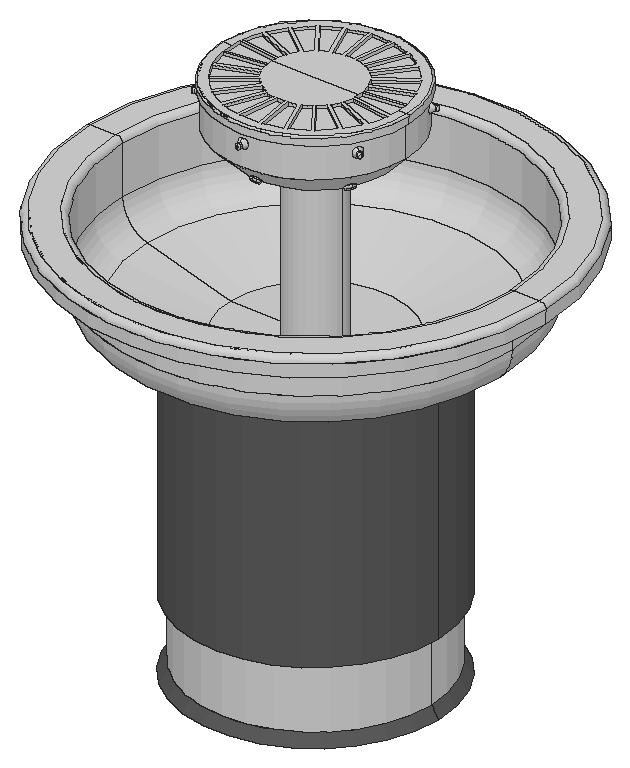
Revit family "Circular_Wash_Fountain-Six_Station-Acorn-3506DBS_Series", category Plumbing Fixtures, host Face, Revit 2021
Family settings
  Host = Face
  Round Connector Dimension = Use Diameter
  Part Type = Normal
  OmniClass Number = 23.45.05.14.14
  OmniClass Title = Sinks/Lavatories
  Cut with Voids When Loaded = No
  Shared = Yes
  Room Calculation Point = No
Parameters (values of type "3506-DBS-3-H")
  Waste Outlet Height (Dim A) = 16 1/2"  # constant formula
  Waste Connection Diameter = 2"
  Waste Connection = yes
  WFU = 3  # constant formula
  Vent Connection = no
  URL = "http://www.acorneng.com"
  Type Comments = "Island Circular, Six Station"
  TT - Top Supply; Vent Thru-Fixture = no
  TS- Single-Fold Paper Towel Dispenser = no
  TO - Top Supply; Vent Off Drain = no
  TM- C or Multi-Fold Paper Towel Dispenser = no
  ST- Single Temperature Valve = no
  SPX- 16 Gage Stainless Steel Housing = no
  SO-BAT- Sensor Operation (Batteries Not Included) = no
  SO - Sensor Operation = no
  SC - Supply Cover, Ceiling Height_______ = no
  Product Page URL = "https://www.acorneng.com/6-css-wash-fountain-3506dbs"
  Product Documentation Link = "https://www.acorneng.com/uploads/fileLibrary/3506-DBS.pdf?v=638914744064084671"
  PPZ Programmable Piezo Pushbutton Electronic Metering = no
  PDM Metering Liquid Soap Dispenser = no
  PCB Pipe Column Brace (Pipe By Others) = no
  Model = "3506-DBS-3-H"
  Minimum Operating Pressure = "A minimum of 30 PSI supply pressure is required"  # constant formula
  Material = "Stainless Steel-Acorn-Satin"
  Manufacturer = "Acorn Engineering"
  JH31 - 31" Junior Rim Height = no
  Installation Type = "Floor Mounted"  # constant formula
  Installation Instruction Link = "https://www.acorneng.com/uploads/fileLibrary/350601.pdf?v=638914744064084671"
  Inlet Connection Diameter = 1/2"
  Height = 44"  # constant formula
  HWFU = 2  # constant formula
  HW Connection = yes
  HB- Hose Bibb, Specify; Left or Right = no
  H- Hand Operation = yes
  Flow Rate = "0.5 GPM"  # constant formula
  Finish = Stainless Steel-Acorn-Satin
  F - Foot Operation = no
  EG - Enviro-Glaze Color, Bowl and Sprayhead (Specify) = no
  Dimension B = 20 1/2"
  Dimension A = 19 1/4"
  Diameter = 38 1/4"  # constant formula
  Description = "Six Station, 9 in. Deep Bowl, Circular Wash Fountain"  # constant formula
  Default Elevation = 0"
  DV- Liquid/ Lotion Soap Dispenser = no
  DP- Metering Powder Soap Dispenser = no
  CWFU = 2  # constant formula
  CW Connection = yes
  Bowl Depth = 9"
  Base Material = Galvanized Steel-Acorn-Black Vinylclad
  BT - Bottom Supply; Vent Thru-Fixture = no
  BO - Bottom Supply; Vent Off-Drain = no
  Assembly Code = "D2010600"
  3 On-Floor, Floor Outlet = yes
Types (3): name | Type Comments | Model | F - Foot Operation | Dimension B | Dimension A
  (no name) | "Island Circular, Six Station" | "3506-DBS-3-H" | no | 20 1/2" | 19 1/4"
  3506-DBS-3-H | "Island Circular, Six Station" | "3506-DBS-3-H" | no | 20 1/2" | 19 1/4"
  3506-DBS-3-H-F | "Island Circular, Six Station, Foot Operation" | "3506-DBS-3-H-F" | yes | 34 3/8" | 23 1/4"
Reference planes (in)
  plane 1 "Center (Front/Back)": y = 0
  plane 2: z = 0
  plane 3 "Center (Left/Right)": x = 0
  plane 4: z = 29.5
  plane 5: z = 34
  plane 6: z = 44
  plane 7: z = 25
  plane 8: x = -19.125
  plane 9: x = 19.125
  plane 10: x = -9.625
  plane 11: x = 9.625
  plane 12: x = -10.25
  plane 13: x = 10.25
  plane 14: x = -17.1875
  plane 15: x = 17.1875
  plane 16: z = 16.5
  plane 17: x = -0.625
  plane 18: x = 0.625
  plane 19: y = -2
  plane 20: z = 16
Forms (in)
  Extrusion 1, void
    sketch origin (0, 9.97248, 53.85296) x (0, -1, 0) y (1, 0, 0)
      loop
        arc (3.09874, 0) -> (3.10911, -0.37825) -> (3.1402, -0.75537) r 6.90126
        line (3.1402, -0.75537) -> (6.41052, -0.32482)
        arc (6.41052, -0.32482) -> (6.39591, 0.01899) -> (6.41415, 0.36264) r 3.60414
        line (6.41415, 0.36264) -> (3.14446, 0.7931)
        arc (3.14446, 0.7931) -> (3.11018, 0.39721) -> (3.09874, 0) r 6.90126
      loop
        line (16.85496, 0.79806) -> (13.58535, 0.3676)
        arc (13.58535, 0.3676) -> (13.60409, 0.01899) -> (13.58902, -0.32979) r 3.60414
        line (13.58902, -0.32979) -> (16.85925, -0.76033)
        arc (16.85925, -0.76033) -> (16.90123, 0.01898) -> (16.85496, 0.79806) r 6.90126
      loop
        line (13.55124, 0.61527) -> (16.82156, 1.04581)
        arc (16.82156, 1.04581) -> (16.66005, 1.80862) -> (16.41353, 2.54833) r 6.90126
        line (16.41353, 2.54833) -> (13.36678, 1.28633)
        arc (13.36678, 1.28633) -> (13.47524, 0.95526) -> (13.55124, 0.61527) r 3.60414
      loop
        line (13.26951, 1.51663) -> (16.31702, 2.77896)
        arc (16.31702, 2.77896) -> (15.96367, 3.47305) -> (15.53435, 4.1229) r 6.90126
        line (15.53435, 4.1229) -> (12.91807, 2.11536)
        arc (12.91807, 2.11536) -> (13.10824, 1.82448) -> (13.26951, 1.51663) r 3.60414
      loop
        line (12.7644, 2.31256) -> (15.38139, 4.32065)
        arc (15.38139, 4.32065) -> (14.86092, 4.89886) -> (14.27869, 5.41481) r 6.90126
        line (14.27869, 5.41481) -> (12.27115, 2.79853)
        arc (12.27115, 2.79853) -> (12.52947, 2.56742) -> (12.7644, 2.31256) r 3.60414
      loop
        line (12.07167, 2.94924) -> (14.07976, 5.56623)
        arc (14.07976, 5.56623) -> (13.42817, 5.98957) -> (12.73313, 6.33699) r 6.90126
        line (12.73313, 6.33699) -> (11.47112, 3.29023)
        arc (11.47112, 3.29023) -> (11.77958, 3.13415) -> (12.07167, 2.94924) r 3.60414
      loop
        line (11.23949, 3.3843) -> (12.50181, 6.43182)
        arc (12.50181, 6.43182) -> (11.76374, 6.67208) -> (11.00337, 6.82793) r 6.90126
        line (11.00337, 6.82793) -> (10.57291, 3.55832)
        arc (10.57291, 3.55832) -> (10.91037, 3.48727) -> (11.23949, 3.3843) r 3.60414
      loop
        line (10.32486, 3.58947) -> (10.7554, 6.85979)
        arc (10.7554, 6.85979) -> (9.98105, 6.90123) -> (9.20694, 6.85554) r 6.90126
        line (9.20694, 6.85554) -> (9.63741, 3.58586)
        arc (9.63741, 3.58586) -> (9.98104, 3.60409) -> (10.32486, 3.58947) r 3.60414
      loop
        line (9.38969, 3.55209) -> (8.95916, 6.82232)
        arc (8.95916, 6.82232) -> (8.20089, 6.66263) -> (7.46531, 6.41894) r 6.90126
        line (7.46531, 6.41894) -> (8.7274, 3.37199)
        arc (8.7274, 3.37199) -> (9.05425, 3.47784) -> (9.38969, 3.55209) r 3.60414
      loop
        line (8.4967, 3.27566) -> (7.23449, 6.32292)
        arc (7.23449, 6.32292) -> (6.54338, 5.97321) -> (5.89582, 5.54825) r 6.90126
        line (5.89582, 5.54825) -> (7.90357, 2.9317)
        arc (7.90357, 2.9317) -> (8.19194, 3.11781) -> (8.4967, 3.27566) r 3.60414
      loop
        line (7.70538, 2.77931) -> (5.69756, 5.39596)
        arc (5.69756, 5.39596) -> (5.12009, 4.87995) -> (4.60407, 4.30248) r 6.90126
        line (4.60407, 4.30248) -> (7.22072, 2.29466)
        arc (7.22072, 2.29466) -> (7.45151, 2.54853) -> (7.70538, 2.77931) r 3.60414
      loop
        line (7.06834, 2.09647) -> (4.45178, 4.10422)
        arc (4.45178, 4.10422) -> (4.02682, 3.45666) -> (3.6771, 2.76556) r 6.90126
        line (3.6771, 2.76556) -> (6.72436, 1.50334)
        arc (6.72436, 1.50334) -> (6.88221, 1.80811) -> (7.06834, 2.09647) r 3.60414
      loop
        line (6.62803, 1.27265) -> (3.58108, 2.53474)
        arc (3.58108, 2.53474) -> (3.33738, 1.79915) -> (3.17769, 1.04088) r 6.90126
        line (3.17769, 1.04088) -> (6.44791, 0.61035)
        arc (6.44791, 0.61035) -> (6.52217, 0.9458) -> (6.62803, 1.27265) r 3.60414
      loop
        line (6.44168, -0.57288) -> (3.17206, -1.00333)
        arc (3.17206, -1.00333) -> (3.32792, -1.76372) -> (3.56817, -2.50179) r 6.90126
        line (3.56817, -2.50179) -> (6.61569, -1.23947)
        arc (6.61569, -1.23947) -> (6.51272, -0.91034) -> (6.44168, -0.57288) r 3.60414
      loop
        line (6.70976, -1.4711) -> (3.66301, -2.73311)
        arc (3.66301, -2.73311) -> (4.01042, -3.42816) -> (4.43377, -4.07976) r 6.90126
        line (4.43377, -4.07976) -> (7.05076, -2.07167)
        arc (7.05076, -2.07167) -> (6.86584, -1.77957) -> (6.70976, -1.4711) r 3.60414
      loop
        line (7.20147, -2.27114) -> (4.58518, -4.27869)
        arc (4.58518, -4.27869) -> (5.10114, -4.86092) -> (5.67935, -5.38139) r 6.90126
        line (5.67935, -5.38139) -> (7.68744, -2.7644)
        arc (7.68744, -2.7644) -> (7.43258, -2.52947) -> (7.20147, -2.27114) r 3.60414
      loop
        line (7.88465, -2.91807) -> (5.8771, -5.53436)
        arc (5.8771, -5.53436) -> (6.52696, -5.96367) -> (7.22106, -6.31703) r 6.90126
        line (7.22106, -6.31703) -> (8.48339, -3.26951)
        arc (8.48339, -3.26951) -> (8.17554, -3.10824) -> (7.88465, -2.91807) r 3.60414
      loop
        line (8.71369, -3.36679) -> (7.45169, -6.41354)
        arc (7.45169, -6.41354) -> (8.19141, -6.66006) -> (8.95422, -6.82156) r 6.90126
        line (8.95422, -6.82156) -> (9.38476, -3.55124)
        arc (9.38476, -3.55124) -> (9.04477, -3.47525) -> (8.71369, -3.36679) r 3.60414
      loop
        line (9.63243, -3.58535) -> (9.20198, -6.85496)
        arc (9.20198, -6.85496) -> (9.98105, -6.90123) -> (10.76037, -6.85924) r 6.90126
        line (10.76037, -6.85924) -> (10.32984, -3.58902)
        arc (10.32984, -3.58902) -> (9.98105, -3.60409) -> (9.63243, -3.58535) r 3.60414
      loop
        line (10.57785, -3.55752) -> (11.00831, -6.8272)
        arc (11.00831, -6.8272) -> (11.77324, -6.66956) -> (12.51547, -6.42649) r 6.90126
        line (12.51547, -6.42649) -> (11.25325, -3.37923)
        arc (11.25325, -3.37923) -> (10.91988, -3.48478) -> (10.57785, -3.55752) r 3.60414
      loop
        line (11.48449, -3.28422) -> (12.74658, -6.33117)
        arc (12.74658, -6.33117) -> (13.44464, -5.98012) -> (14.09854, -5.55242) r 6.90126
        line (14.09854, -5.55242) -> (12.09072, -2.93577)
        arc (12.09072, -2.93577) -> (11.79608, -3.12473) -> (11.48449, -3.28422) r 3.60414
      loop
        line (12.28921, -2.78377) -> (14.29696, -5.40033)
        arc (14.29696, -5.40033) -> (14.87995, -4.87991) -> (15.40036, -4.29692) r 6.90126
        line (15.40036, -4.29692) -> (12.78381, -2.28916)
        arc (12.78381, -2.28916) -> (12.54853, -2.54849) -> (12.28921, -2.78377) r 3.60414
      loop
        line (12.9358, -2.09068) -> (15.55245, -4.0985)
        arc (15.55245, -4.0985) -> (15.98015, -3.44459) -> (16.33119, -2.74653) r 6.90126
        line (16.33119, -2.74653) -> (13.28424, -1.48445)
        arc (13.28424, -1.48445) -> (13.12476, -1.79603) -> (12.9358, -2.09068) r 3.60414
      loop
        line (13.37925, -1.2532) -> (16.42651, -2.51542)
        arc (16.42651, -2.51542) -> (16.66957, -1.7732) -> (16.82721, -1.00827) r 6.90126
        line (16.82721, -1.00827) -> (13.55753, -0.57781)
        arc (13.55753, -0.57781) -> (13.48479, -0.91983) -> (13.37925, -1.2532) r 3.60414
    from -9.85296 to -10.08144
  Revolve 2, solid, material "Stainless Steel-Acorn-Satin" <- "Finish"
    sketch origin (0, 0, 0) x (1, 0, 0) y (0, 0, 1)
      loop
        line (-16.5, 34) -> (-18.625, 34)
        arc (-18.625, 34) -> (-18.97855, 33.85355) -> (-19.125, 33.5) r 0.5
        line (-19.125, 33.5) -> (-19.125, 32.5) -> (-16.375, 32.5) -> (-16.375, 29.59111)
        arc (-16.375, 29.59111) -> (-15.80466, 27.7521) -> (-14.2938, 26.55855) r 3.25
        line (-14.2938, 26.55855) -> (-10.25, 25) -> (-10.25, 6) -> (-9.625, 6) -> (-9.625, 0.86517) -> (-10.25, 0) -> (0, 0) -> (0, 16.5) -> (-1, 16.5) -> (-1, 16.75) -> (0, 16.75) -> (0, 44) -> (-7.62339, 44)
        arc (-7.62339, 44) -> (-7.71177, 43.96339) -> (-7.74839, 43.875) r 0.125
        line (-7.74839, 43.875) -> (-7.74839, 43.30768) -> (-7.49839, 43.30768) -> (-7.49839, 40.64992) -> (-5.80384, 38.95537) -> (-3, 38.95537)
        arc (-3, 38.95537) -> (-2.46967, 38.7357) -> (-2.25, 38.20537) r 0.75
        line (-2.25, 38.20537) -> (-2.25, 25) -> (-7.03005, 25) -> (-13.94729, 26.90465)
        arc (-13.94729, 26.90465) -> (-15.42836, 27.90538) -> (-16, 29.59896) r 2.79458
        line (-16, 29.59896) -> (-16, 33.5)
        arc (-16, 33.5) -> (-16.14645, 33.85355) -> (-16.5, 34) r 0.5
      axis (0, 44) -> (0, 0)
    angle from 0 to 360
  Revolve 3, solid, material "Stainless Steel-Acorn-Satin" <- "Finish"
    sketch origin (0, 0.07812, 0) x (0, 1, 0) y (0, 0, 1)
      loop
        line (7.75563, 42.65045) -> (7.40837, 42.85094) -> (7.24426, 42.85094) -> (7.24426, 42.44996) -> (7.99426, 42.44996) -> (7.99426, 42.58509)
        arc (7.99426, 42.58509) -> (7.97511, 42.6313) -> (7.9289, 42.65045) r 0.06536
        line (7.9289, 42.65045) -> (7.75563, 42.65045)
      axis (7.99426, 42.44996) -> (7.24426, 42.44996)
    angle from 0 to 360
  Revolve 4, solid, material "Stainless Steel-Acorn-Satin" <- "Finish"
    sketch origin (0.06766, 0.03906, 0) x (0.866025, 0.5, 0) y (0, 0, 1)
      loop
        line (7.75563, 42.65045) -> (7.40837, 42.85094) -> (7.24426, 42.85094) -> (7.24426, 42.44996) -> (7.99426, 42.44996) -> (7.99426, 42.58509)
        arc (7.99426, 42.58509) -> (7.97511, 42.6313) -> (7.9289, 42.65045) r 0.06536
        line (7.9289, 42.65045) -> (7.75563, 42.65045)
      axis (7.99426, 42.44996) -> (7.24426, 42.44996)
    angle from 0 to 360
  Revolve 5, solid, material "Stainless Steel-Acorn-Satin" <- "Finish"
    sketch origin (0.06766, -0.03906, 0) x (0.866025, -0.5, 0) y (0, 0, -1)
      loop
        line (7.75563, -42.65045) -> (7.9289, -42.65045)
        arc (7.9289, -42.65045) -> (7.97511, -42.6313) -> (7.99426, -42.58509) r 0.06536
        line (7.99426, -42.58509) -> (7.99426, -42.44996) -> (7.24426, -42.44996) -> (7.24426, -42.85094) -> (7.40837, -42.85094) -> (7.75563, -42.65045)
      axis (7.99426, -42.44996) -> (7.24426, -42.44996)
    angle from 0 to 360
  Revolve 6, solid, material "Stainless Steel-Acorn-Satin" <- "Finish"
    sketch origin (0, -0.07812, 0) x (0, -1, 0) y (0, 0, -1)
      loop
        line (7.75563, -42.65045) -> (7.9289, -42.65045)
        arc (7.9289, -42.65045) -> (7.97511, -42.6313) -> (7.99426, -42.58509) r 0.06536
        line (7.99426, -42.58509) -> (7.99426, -42.44996) -> (7.24426, -42.44996) -> (7.24426, -42.85094) -> (7.40837, -42.85094) -> (7.75563, -42.65045)
      axis (7.99426, -42.44996) -> (7.24426, -42.44996)
    angle from 0 to 360
  Revolve 7, solid, material "Stainless Steel-Acorn-Satin" <- "Finish"
    sketch origin (-0.06766, 0.03906, 0) x (-0.866025, 0.5, 0) y (0, 0, -1)
      loop
        line (7.75563, -42.65045) -> (7.9289, -42.65045)
        arc (7.9289, -42.65045) -> (7.97511, -42.6313) -> (7.99426, -42.58509) r 0.06536
        line (7.99426, -42.58509) -> (7.99426, -42.44996) -> (7.24426, -42.44996) -> (7.24426, -42.85094) -> (7.40837, -42.85094) -> (7.75563, -42.65045)
      axis (7.99426, -42.44996) -> (7.24426, -42.44996)
    angle from 0 to 360
  Revolve 8, solid, material "Stainless Steel-Acorn-Satin" <- "Finish"
    sketch origin (-0.06766, -0.03906, 0) x (-0.866025, -0.5, 0) y (0, 0, 1)
      loop
        line (7.75563, 42.65045) -> (7.40837, 42.85094) -> (7.24426, 42.85094) -> (7.24426, 42.44996) -> (7.99426, 42.44996) -> (7.99426, 42.58509)
        arc (7.99426, 42.58509) -> (7.97511, 42.6313) -> (7.9289, 42.65045) r 0.06536
        line (7.9289, 42.65045) -> (7.75563, 42.65045)
      axis (7.99426, 42.44996) -> (7.24426, 42.44996)
    angle from 0 to 360
  Revolve 9, solid, material "Stainless Steel-Acorn-Satin" <- "Finish"
    sketch origin (0, 0, 0) x (0.866025, 0.5, 0) y (0, 0, 1)
      loop
        line (5.39974, 39.99085) -> (6.28363, 39.10696) -> (6.47706, 39.30039)
        arc (6.47706, 39.30039) -> (6.5137, 39.38886) -> (6.47706, 39.47733) r 0.12511
        line (6.47706, 39.47733) -> (5.68164, 40.27274) -> (5.39974, 39.99085)
      axis (6.28363, 39.10696) -> (5.39974, 39.99085)
    angle from 0 to 360
  Revolve 10, solid, material "Stainless Steel-Acorn-Satin" <- "Finish"
    sketch origin (0, 0, 0) x (0.866025, -0.5, 0) y (0, 0, -1)
      loop
        line (5.39974, -39.99085) -> (5.68164, -40.27274) -> (6.47706, -39.47733)
        arc (6.47706, -39.47733) -> (6.5137, -39.38886) -> (6.47706, -39.30039) r 0.12511
        line (6.47706, -39.30039) -> (6.28363, -39.10696) -> (5.39974, -39.99085)
      axis (6.28363, -39.10696) -> (5.39974, -39.99085)
    angle from 0 to 360
  Revolve 11, solid, material "Stainless Steel-Acorn-Satin" <- "Finish"
    sketch origin (0, 0, 0) x (0, 1, 0) y (0, 0, 1)
      loop
        line (5.39974, 39.99085) -> (6.28363, 39.10696) -> (6.47706, 39.30039)
        arc (6.47706, 39.30039) -> (6.5137, 39.38886) -> (6.47706, 39.47733) r 0.12511
        line (6.47706, 39.47733) -> (5.68164, 40.27274) -> (5.39974, 39.99085)
      axis (6.28363, 39.10696) -> (5.39974, 39.99085)
    angle from 0 to 360
  Revolve 12, solid, material "Stainless Steel-Acorn-Satin" <- "Finish"
    sketch origin (0, 0, 0) x (0, -1, 0) y (0, 0, -1)
      loop
        line (5.39974, -39.99085) -> (5.68164, -40.27274) -> (6.47706, -39.47733)
        arc (6.47706, -39.47733) -> (6.5137, -39.38886) -> (6.47706, -39.30039) r 0.12511
        line (6.47706, -39.30039) -> (6.28363, -39.10696) -> (5.39974, -39.99085)
      axis (6.28363, -39.10696) -> (5.39974, -39.99085)
    angle from 0 to 360
  Revolve 13, solid, material "Stainless Steel-Acorn-Satin" <- "Finish"
    sketch origin (0, 0, 0) x (-0.866025, 0.5, 0) y (0, 0, -1)
      loop
        line (5.39974, -39.99085) -> (5.68164, -40.27274) -> (6.47706, -39.47733)
        arc (6.47706, -39.47733) -> (6.5137, -39.38886) -> (6.47706, -39.30039) r 0.12511
        line (6.47706, -39.30039) -> (6.28363, -39.10696) -> (5.39974, -39.99085)
      axis (6.28363, -39.10696) -> (5.39974, -39.99085)
    angle from 0 to 360
  Revolve 14, solid, material "Stainless Steel-Acorn-Satin" <- "Finish"
    sketch origin (0, 0, 0) x (-0.866025, -0.5, 0) y (0, 0, 1)
      loop
        line (5.39974, 39.99085) -> (6.28363, 39.10696) -> (6.47706, 39.30039)
        arc (6.47706, 39.30039) -> (6.5137, 39.38886) -> (6.47706, 39.47733) r 0.12511
        line (6.47706, 39.47733) -> (5.68164, 40.27274) -> (5.39974, 39.99085)
      axis (6.28363, 39.10696) -> (5.39974, 39.99085)
    angle from 0 to 360
  Revolve 15, solid, material "Galvanized Steel-Acorn-Black Vinylclad" <- "Base Material", visible <- "F - Foot Operation"
    sketch origin (0, 0, 0) x (1, 0, 0) y (0, 0, 1)
      loop
        line (-14.48437, 1) -> (-16.80245, 0.42206)
        arc (-16.80245, 0.42206) -> (-16.8847, 0.36865) -> (-16.91662, 0.27592) r 0.1506
        line (-16.91662, 0.27592) -> (-17.1926, 0) -> (0, 0) -> (0, 1) -> (-14.48437, 1)
      axis (0, 1) -> (0, 0)
    angle from 0 to 360
  Revolve 16, solid, material "Stainless Steel-Acorn-Satin" <- "Finish", visible <- "F - Foot Operation"
    sketch origin (-0.53141, 0, 3.21632) x (0.970296, 0, 0.241922) y (-0.241922, 0, 0.970296)
      loop
        line (-15.33767, 1.37554) -> (-15.33767, 1.16504) -> (-14.95724, 1.16504) -> (-14.95724, 1.24488) -> (-15.11421, 1.33551) -> (-15.11421, 1.37554) -> (-15.33767, 1.37554)
      axis (-15.33767, 1.37554) -> (-15.33767, 1.16504)
    angle from 0 to 360
  Revolve 17, solid, material "Stainless Steel-Acorn-Satin" <- "Finish", visible <- "F - Foot Operation"
    sketch origin (0, 0.53141, 3.21632) x (0, -0.970296, 0.241922) y (0, -0.241922, -0.970296)
      loop
        line (-15.33767, -1.37554) -> (-15.11421, -1.37554) -> (-15.11421, -1.33551) -> (-14.95724, -1.24488) -> (-14.95724, -1.16504) -> (-15.33767, -1.16504) -> (-15.33767, -1.37554)
      axis (-15.33767, -1.37554) -> (-15.33767, -1.16504)
    angle from 0 to 360
  Revolve 18, solid, material "Stainless Steel-Acorn-Satin" <- "Finish", visible <- "F - Foot Operation"
    sketch origin (0.53141, 0, 3.21632) x (-0.970296, 0, 0.241922) y (-0.241922, 0, -0.970296)
      loop
        line (-15.33767, -1.37554) -> (-15.11421, -1.37554) -> (-15.11421, -1.33551) -> (-14.95724, -1.24488) -> (-14.95724, -1.16504) -> (-15.33767, -1.16504) -> (-15.33767, -1.37554)
      axis (-15.33767, -1.37554) -> (-15.33767, -1.16504)
    angle from 0 to 360
  Revolve 19, solid, material "Stainless Steel-Acorn-Satin" <- "Finish", visible <- "F - Foot Operation"
    sketch origin (0, -0.53141, 3.21632) x (0, 0.970296, 0.241922) y (0, -0.241922, 0.970296)
      loop
        line (-15.33767, 1.37554) -> (-15.33767, 1.16504) -> (-14.95724, 1.16504) -> (-14.95724, 1.24488) -> (-15.11421, 1.33551) -> (-15.11421, 1.37554) -> (-15.33767, 1.37554)
      axis (-15.33767, 1.37554) -> (-15.33767, 1.16504)
    angle from 0 to 360
  Revolve 20, solid, material "Stainless Steel-Acorn-Satin" <- "Finish", visible <- "F - Foot Operation"
    sketch origin (-0.37577, 0.37577, 3.21632) x (0.686103, -0.686103, 0.241922) y (-0.171065, 0.171065, 0.970296)
      loop
        line (-15.33767, 1.37554) -> (-15.33767, 1.16504) -> (-14.95724, 1.16504) -> (-14.95724, 1.24488) -> (-15.11421, 1.33551) -> (-15.11421, 1.37554) -> (-15.33767, 1.37554)
      axis (-15.33767, 1.37554) -> (-15.33767, 1.16504)
    angle from 0 to 360
  Revolve 21, solid, material "Stainless Steel-Acorn-Satin" <- "Finish", visible <- "F - Foot Operation"
    sketch origin (0.37577, 0.37577, 3.21632) x (-0.686103, -0.686103, 0.241922) y (-0.171065, -0.171065, -0.970296)
      loop
        line (-15.33767, -1.37554) -> (-15.11421, -1.37554) -> (-15.11421, -1.33551) -> (-14.95724, -1.24488) -> (-14.95724, -1.16504) -> (-15.33767, -1.16504) -> (-15.33767, -1.37554)
      axis (-15.33767, -1.37554) -> (-15.33767, -1.16504)
    angle from 0 to 360
  Revolve 22, solid, material "Stainless Steel-Acorn-Satin" <- "Finish", visible <- "F - Foot Operation"
    sketch origin (-0.37577, -0.37577, 3.21632) x (0.686103, 0.686103, 0.241922) y (0.171065, 0.171065, -0.970296)
      loop
        line (-15.33767, -1.37554) -> (-15.11421, -1.37554) -> (-15.11421, -1.33551) -> (-14.95724, -1.24488) -> (-14.95724, -1.16504) -> (-15.33767, -1.16504) -> (-15.33767, -1.37554)
      axis (-15.33767, -1.37554) -> (-15.33767, -1.16504)
    angle from 0 to 360
  Revolve 23, solid, material "Stainless Steel-Acorn-Satin" <- "Finish", visible <- "F - Foot Operation"
    sketch origin (0.37577, -0.37577, 3.21632) x (-0.686103, 0.686103, 0.241922) y (0.171065, -0.171065, 0.970296)
      loop
        line (-15.33767, 1.37554) -> (-15.33767, 1.16504) -> (-14.95724, 1.16504) -> (-14.95724, 1.24488) -> (-15.11421, 1.33551) -> (-15.11421, 1.37554) -> (-15.33767, 1.37554)
      axis (-15.33767, 1.37554) -> (-15.33767, 1.16504)
    angle from 0 to 360
  Extrusion 24, void
    sketch origin (0, 0, 0) x (1, 0, 0) y (0, 1, 0)
      loop
        circle (-0.625, -2) r 0.25
      loop
        circle (0.625, -2) r 0.25
    from 16.125 to 16
Cuts and joins
  Extrusion 1, Extrusion 24 cuts Revolve 2
  Extrusion 24 cuts Revolve 15
Dimensions and locks (in)
  plane 4 to plane 2 = 29 1/2"
  plane 5 to plane 2 = 34"
  "Height": plane 6 to plane 2
  "Bowl Depth": plane 5 to plane 7
  equal spacing: plane 9, plane 3 "Center (Left/Right)", plane 8
  "Diameter": plane 9 to plane 8
  equal spacing: plane 11, plane 3 "Center (Left/Right)", plane 10
  equal spacing: plane 13, plane 3 "Center (Left/Right)", plane 12
  locked: plane 10 to plane 12 at 0.625
  equal spacing: plane 15, plane 3 "Center (Left/Right)", plane 14
  plane 15 to plane 14 = 34 3/8"
  Revolve 2 sketch curve to Revolve 2 sketch curve to Revolve 2 sketch curve to Revolve 2 sketch curve to plane 3 "Center (Left/Right)" = 1/4" locked, 1.69454" locked, 3.55384" locked, 2 1/4" locked
  locked: plane 5 to Revolve 2 sketch curve at 1.5
  "Dimension A": plane 11 to plane 10
  plane 13 to plane 12 = 20 1/2"
  "Waste Outlet Height (Dim A)": plane 16 to level
  locked: Revolve 2 sketch curve to plane 16 at 0.25
  locked: plane 3 "Center (Left/Right)" to Revolve 2 sketch curve at 1
  locked: plane 17 to plane 18 at 1.25
  locked: plane 19 to plane 1 "Center (Front/Back)" at 2
  plane 20 to host face = 16"
  aligned and locked: plane 2 to host face
  aligned and locked: level to host face
  aligned and locked: Revolve 2 sketch curve to plane 3 "Center (Left/Right)"
  aligned and locked: Revolve 2 sketch curve to plane 10
  aligned and locked: plane 12 to Revolve 2 sketch curve
  aligned and locked: Revolve 15 sketch curve to plane 3 "Center (Left/Right)"
  aligned and locked: plane 3 "Center (Left/Right)" to Revolve 2 sketch curve
  aligned and locked: plane 7 to Revolve 2 sketch curve  (x3)
  aligned and locked: Revolve 2 sketch curve to plane 8
  aligned and locked: plane 5 to Revolve 2 sketch curve
  aligned and locked: Revolve 2 sketch curve to plane 12
  aligned and locked: plane 19 to Extrusion 24 sketch curve  (x2)
  aligned and locked: plane 17 to Extrusion 24 sketch curve
  aligned and locked: plane 18 to Extrusion 24 sketch curve
  aligned and locked: Extrusion 24 to cut or joined group of Extrusion 1, Revolve 2, Extrusion 24
Automatic sketch dimensions
  host sketch curve to host sketch curve = 96"  (x2)
  Extrusion 1 sketch curve to Extrusion 1 sketch curve = 0"  (x2352)
  Extrusion 1 sketch curve to plane 3 "Center (Left/Right)" = 0"
  Extrusion 1 sketch curve to plane 3 "Center (Left/Right)" = 0.75537"
  Extrusion 1 sketch curve to plane 1 "Center (Front/Back)" = 6.83228"
  plane 3 "Center (Left/Right)" to Extrusion 1 sketch curve = 0.7931"
  Extrusion 1 sketch curve to Extrusion 1 sketch curve = 0.00426"
  Extrusion 1 sketch curve to plane 3 "Center (Left/Right)" = 1.00333"
  Extrusion 1 sketch curve to Extrusion 1 sketch curve = 0.03186"
  plane 3 "Center (Left/Right)" to Extrusion 1 sketch curve = 1.04088"
  Extrusion 1 sketch curve to Extrusion 1 sketch curve = 0.03322"  (x2)
  Extrusion 1 sketch curve to plane 3 "Center (Left/Right)" = 2.50179"
  plane 3 "Center (Left/Right)" to Extrusion 1 sketch curve = 2.53474"
  Extrusion 1 sketch curve to plane 3 "Center (Left/Right)" = 2.73311"
  Extrusion 1 sketch curve to Extrusion 1 sketch curve = 0.09483"  (x2)
  plane 3 "Center (Left/Right)" to Extrusion 1 sketch curve = 2.76556"
  Extrusion 1 sketch curve to Extrusion 1 sketch curve = 0.09602"  (x2)
  Extrusion 1 sketch curve to plane 3 "Center (Left/Right)" = 4.07976"
  plane 3 "Center (Left/Right)" to Extrusion 1 sketch curve = 4.10422"
  Extrusion 1 sketch curve to Extrusion 1 sketch curve = 0.15142"  (x2)
  Extrusion 1 sketch curve to Extrusion 1 sketch curve = 0.15229"  (x2)
  Extrusion 1 sketch curve to Extrusion 1 sketch curve = 1.09417"
  Extrusion 1 sketch curve to Extrusion 1 sketch curve = 1.09349"
  Extrusion 1 sketch curve to Extrusion 1 sketch curve = 0.19775"  (x2)
  Extrusion 1 sketch curve to Extrusion 1 sketch curve = 0.19826"  (x2)
  Extrusion 1 sketch curve to plane 3 "Center (Left/Right)" = 0.32482"
  Extrusion 1 sketch curve to Extrusion 1 sketch curve = 3.27032"
  plane 3 "Center (Left/Right)" to Extrusion 1 sketch curve = 0.36264"
  Extrusion 1 sketch curve to plane 3 "Center (Left/Right)" = 0.57288"
  Extrusion 1 sketch curve to Extrusion 1 sketch curve = 0.03115"
  plane 3 "Center (Left/Right)" to Extrusion 1 sketch curve = 0.61035"
  Extrusion 1 sketch curve to Extrusion 1 sketch curve = 0.03377"
  Extrusion 1 sketch curve to plane 3 "Center (Left/Right)" = 1.23947"
  plane 3 "Center (Left/Right)" to Extrusion 1 sketch curve = 1.27265"
  Extrusion 1 sketch curve to plane 3 "Center (Left/Right)" = 1.4711"
  Extrusion 1 sketch curve to Extrusion 1 sketch curve = 0.09407"  (x2)
  plane 3 "Center (Left/Right)" to Extrusion 1 sketch curve = 1.50334"
  Extrusion 1 sketch curve to Extrusion 1 sketch curve = 0.09634"
  Extrusion 1 sketch curve to plane 3 "Center (Left/Right)" = 2.07167"
  plane 3 "Center (Left/Right)" to Extrusion 1 sketch curve = 2.09647"
  Extrusion 1 sketch curve to Extrusion 1 sketch curve = 0.15071"  (x2)
  Extrusion 1 sketch curve to Extrusion 1 sketch curve = 0.15239"
  Extrusion 1 sketch curve to Extrusion 1 sketch curve = 1.34396"
  Extrusion 1 sketch curve to Extrusion 1 sketch curve = 1.33867"
  Extrusion 1 sketch curve to Extrusion 1 sketch curve = 0.23062"
  Extrusion 1 sketch curve to Extrusion 1 sketch curve = 0.23083"
  Extrusion 1 sketch curve to Extrusion 1 sketch curve = 0.48597"
  Extrusion 1 sketch curve to Extrusion 1 sketch curve = 0.48466"
  Extrusion 1 sketch curve to Extrusion 1 sketch curve = 0.19721"  (x2)
  Extrusion 1 sketch curve to Extrusion 1 sketch curve = 0.19819"  (x2)
  Extrusion 1 sketch curve to Extrusion 1 sketch curve = 0.59874"
  Extrusion 1 sketch curve to Extrusion 1 sketch curve = 0.59313"
  Extrusion 1 sketch curve to Extrusion 1 sketch curve = 0.23031"
  Extrusion 1 sketch curve to Extrusion 1 sketch curve = 0.2307"
  Extrusion 1 sketch curve to plane 1 "Center (Front/Back)" = 1.01826"
  Extrusion 1 sketch curve to plane 1 "Center (Front/Back)" = 1.01332"
  Extrusion 1 sketch curve to Extrusion 1 sketch curve = 0.24776"
  Extrusion 1 sketch curve to Extrusion 1 sketch curve = 0.24778"
  Extrusion 1 sketch curve to plane 1 "Center (Front/Back)" = 0.58772"
  Extrusion 1 sketch curve to plane 1 "Center (Front/Back)" = 0.58279"
  Extrusion 1 sketch curve to Extrusion 1 sketch curve = 0.24767"
  Extrusion 1 sketch curve to Extrusion 1 sketch curve = 0.24771"
  plane 1 "Center (Front/Back)" to Extrusion 1 sketch curve = 0.35238"
  plane 1 "Center (Front/Back)" to Extrusion 1 sketch curve = 0.35736"
  Extrusion 1 sketch curve to Extrusion 1 sketch curve = 0.24806"
  Extrusion 1 sketch curve to Extrusion 1 sketch curve = 0.24801"
  plane 1 "Center (Front/Back)" to Extrusion 1 sketch curve = 0.78292"
  plane 1 "Center (Front/Back)" to Extrusion 1 sketch curve = 0.78789"
  Extrusion 1 sketch curve to Extrusion 1 sketch curve = 0.24796"
  Extrusion 1 sketch curve to Extrusion 1 sketch curve = 0.24794"
  Extrusion 1 sketch curve to Extrusion 1 sketch curve = 0.66658"
  Extrusion 1 sketch curve to Extrusion 1 sketch curve = 0.6754"
  Extrusion 1 sketch curve to Extrusion 1 sketch curve = 0.23163"
  Extrusion 1 sketch curve to Extrusion 1 sketch curve = 0.23124"
  Extrusion 1 sketch curve to Extrusion 1 sketch curve = 0.60055"
  Extrusion 1 sketch curve to Extrusion 1 sketch curve = 0.60623"
  Extrusion 1 sketch curve to Extrusion 1 sketch curve = 0.19947"
  Extrusion 1 sketch curve to Extrusion 1 sketch curve = 0.19849"
  Extrusion 1 sketch curve to Extrusion 1 sketch curve = 1.49845"
  Extrusion 1 sketch curve to Extrusion 1 sketch curve = 1.50715"
  Extrusion 1 sketch curve to Extrusion 1 sketch curve = 0.23132"
  Extrusion 1 sketch curve to Extrusion 1 sketch curve = 0.23111"
  Extrusion 1 sketch curve to Extrusion 1 sketch curve = 0.49325"
  Extrusion 1 sketch curve to Extrusion 1 sketch curve = 0.4946"
  Extrusion 1 sketch curve to Extrusion 1 sketch curve = 0.15367"  (x2)
  Extrusion 1 sketch curve to Extrusion 1 sketch curve = 0.15199"
  plane 3 "Center (Left/Right)" to Extrusion 1 sketch curve = 1.51663"
  Extrusion 1 sketch curve to Extrusion 1 sketch curve = 0.35144"
  Extrusion 1 sketch curve to plane 3 "Center (Left/Right)" = 1.48445"
  Extrusion 1 sketch curve to Extrusion 1 sketch curve = 0.34844"
  plane 3 "Center (Left/Right)" to Extrusion 1 sketch curve = 1.28633"
  Extrusion 1 sketch curve to Extrusion 1 sketch curve = 0.09727"  (x2)
  Extrusion 1 sketch curve to plane 3 "Center (Left/Right)" = 1.2532"
  Extrusion 1 sketch curve to Extrusion 1 sketch curve = 0.09501"  (x2)
  plane 3 "Center (Left/Right)" to Extrusion 1 sketch curve = 0.61527"
  Extrusion 1 sketch curve to plane 3 "Center (Left/Right)" = 0.57781"
  plane 3 "Center (Left/Right)" to Extrusion 1 sketch curve = 0.3676"
  Extrusion 1 sketch curve to Extrusion 1 sketch curve = 0.03411"  (x2)
  Extrusion 1 sketch curve to plane 3 "Center (Left/Right)" = 0.32979"
  Extrusion 1 sketch curve to Extrusion 1 sketch curve = 1.34663"
  Extrusion 1 sketch curve to Extrusion 1 sketch curve = 1.35197"
  Extrusion 1 sketch curve to Extrusion 1 sketch curve = 0.19893"  (x2)
  Extrusion 1 sketch curve to Extrusion 1 sketch curve = 0.19842"  (x2)
  Extrusion 1 sketch curve to Extrusion 1 sketch curve = 1.1027"
  Extrusion 1 sketch curve to Extrusion 1 sketch curve = 1.1034"
  Extrusion 1 sketch curve to Extrusion 1 sketch curve = 0.15296"  (x2)
  Extrusion 1 sketch curve to Extrusion 1 sketch curve = 0.15209"  (x2)
  plane 3 "Center (Left/Right)" to Extrusion 1 sketch curve = 2.77896"
  Extrusion 1 sketch curve to Extrusion 1 sketch curve = 0.78267"
  Extrusion 1 sketch curve to plane 3 "Center (Left/Right)" = 2.74653"
  Extrusion 1 sketch curve to Extrusion 1 sketch curve = 0.77874"
  plane 3 "Center (Left/Right)" to Extrusion 1 sketch curve = 2.54833"
  Extrusion 1 sketch curve to Extrusion 1 sketch curve = 0.09651"  (x2)
  Extrusion 1 sketch curve to plane 3 "Center (Left/Right)" = 2.51542"
  Extrusion 1 sketch curve to Extrusion 1 sketch curve = 0.09532"
  plane 3 "Center (Left/Right)" to Extrusion 1 sketch curve = 1.04581"
  Extrusion 1 sketch curve to plane 3 "Center (Left/Right)" = 1.00827"
  plane 3 "Center (Left/Right)" to Extrusion 1 sketch curve = 0.79806"
  Extrusion 1 sketch curve to Extrusion 1 sketch curve = 0.0334"  (x2)
  Extrusion 1 sketch curve to plane 3 "Center (Left/Right)" = 0.76033"
  Extrusion 1 sketch curve to Extrusion 1 sketch curve = 0.09533"
  Extrusion 1 sketch curve to Extrusion 1 sketch curve = 1.49834"
  Extrusion 1 sketch curve to Extrusion 1 sketch curve = 0.0315"
  Extrusion 1 sketch curve to Extrusion 1 sketch curve = 0.152"
  Extrusion 1 sketch curve to Extrusion 1 sketch curve = 0.15238"
  Extrusion 1 sketch curve to Extrusion 1 sketch curve = 0.09633"
  Extrusion 1 sketch curve to Extrusion 1 sketch curve = 0.03376"
  Revolve 3 sketch curve to plane 6 = 1.55004"  (x2)
  Revolve 3 sketch curve to plane 1 "Center (Front/Back)" = 7.32238"
  Revolve 3 sketch curve to Revolve 3 sketch curve = 0.16412"
  Revolve 3 sketch curve to plane 6 = 1.34955"
  Revolve 3 sketch curve to Revolve 3 sketch curve = 0.34726"
  Revolve 3 sketch curve to Revolve 3 sketch curve = 0.17326"
  Revolve 3 sketch curve to Revolve 3 sketch curve = 0.06536"
  Revolve 3 sketch curve to Revolve 3 sketch curve = 0.40098"
  Revolve 3 sketch curve to Revolve 3 sketch curve = 1.80837"
  Revolve 3 sketch curve to Revolve 3 sketch curve = 0.19163"
  Revolve 4 sketch curve to plane 6 = 1.55004"  (x2)
  Revolve 4 sketch curve to Revolve 4 sketch curve = 0.16412"
  Revolve 4 sketch curve to plane 6 = 1.34955"
  Revolve 4 sketch curve to Revolve 4 sketch curve = 0.34726"
  Revolve 4 sketch curve to Revolve 4 sketch curve = 0.17326"
  Revolve 4 sketch curve to Revolve 4 sketch curve = 0.06536"
  Revolve 4 sketch curve to Revolve 4 sketch curve = 0.40098"
  Revolve 4 sketch curve to Revolve 4 sketch curve = 1.80837"
  Revolve 4 sketch curve to Revolve 4 sketch curve = 0.19163"
  Revolve 5 sketch curve to plane 6 = 1.55004"  (x2)
  Revolve 5 sketch curve to Revolve 5 sketch curve = 0.16412"
  Revolve 5 sketch curve to plane 6 = 1.34955"
  Revolve 5 sketch curve to Revolve 5 sketch curve = 0.34726"
  Revolve 5 sketch curve to Revolve 5 sketch curve = 0.17326"
  Revolve 5 sketch curve to Revolve 5 sketch curve = 0.06536"
  Revolve 5 sketch curve to Revolve 5 sketch curve = 0.40098"
  Revolve 5 sketch curve to Revolve 5 sketch curve = 1.80837"
  Revolve 5 sketch curve to Revolve 5 sketch curve = 0.19163"
  Revolve 6 sketch curve to plane 6 = 1.55004"  (x2)
  plane 1 "Center (Front/Back)" to Revolve 6 sketch curve = 7.32238"
  Revolve 6 sketch curve to Revolve 6 sketch curve = 0.16412"
  Revolve 6 sketch curve to plane 6 = 1.34955"
  Revolve 6 sketch curve to Revolve 6 sketch curve = 0.34726"
  Revolve 6 sketch curve to Revolve 6 sketch curve = 0.17326"
  Revolve 6 sketch curve to Revolve 6 sketch curve = 0.06536"
  Revolve 6 sketch curve to Revolve 6 sketch curve = 0.40098"
  Revolve 6 sketch curve to Revolve 6 sketch curve = 1.80837"
  Revolve 6 sketch curve to Revolve 6 sketch curve = 0.19163"
  Revolve 7 sketch curve to plane 6 = 1.55004"  (x2)
  Revolve 7 sketch curve to Revolve 7 sketch curve = 0.16412"
  Revolve 7 sketch curve to plane 6 = 1.34955"
  Revolve 7 sketch curve to Revolve 7 sketch curve = 0.34726"
  Revolve 7 sketch curve to Revolve 7 sketch curve = 0.17326"
  Revolve 7 sketch curve to Revolve 7 sketch curve = 0.06536"
  Revolve 7 sketch curve to Revolve 7 sketch curve = 0.40098"
  Revolve 7 sketch curve to Revolve 7 sketch curve = 1.80837"
  Revolve 7 sketch curve to Revolve 7 sketch curve = 0.19163"
  Revolve 8 sketch curve to plane 6 = 1.55004"  (x2)
  Revolve 8 sketch curve to Revolve 8 sketch curve = 0.16412"
  Revolve 8 sketch curve to plane 6 = 1.34955"
  Revolve 8 sketch curve to Revolve 8 sketch curve = 0.34726"
  Revolve 8 sketch curve to Revolve 8 sketch curve = 0.17326"
  Revolve 8 sketch curve to Revolve 8 sketch curve = 0.06536"
  Revolve 8 sketch curve to Revolve 8 sketch curve = 0.40098"
  Revolve 8 sketch curve to Revolve 8 sketch curve = 1.80837"
  Revolve 8 sketch curve to Revolve 8 sketch curve = 0.19163"
  Revolve 9 sketch curve to plane 6 = 4.00915"
  Revolve 9 sketch curve to plane 6 = 3.72726"
  Revolve 9 sketch curve to Revolve 9 sketch curve = 0.2819"
  Revolve 9 sketch curve to plane 6 = 4.89304"  (x2)
  Revolve 9 sketch curve to Revolve 9 sketch curve = 0.10497"
  Revolve 9 sketch curve to plane 6 = 4.69961"
  Revolve 9 sketch curve to plane 6 = 4.52267"
  Revolve 9 sketch curve to plane 6 = 3.83238"
  Revolve 9 sketch curve to Revolve 9 sketch curve = 0.17678"
  Revolve 9 sketch curve to Revolve 9 sketch curve = 0"
  Revolve 10 sketch curve to plane 6 = 4.00915"
  Revolve 10 sketch curve to plane 6 = 3.72726"
  Revolve 10 sketch curve to Revolve 10 sketch curve = 0.2819"
  Revolve 10 sketch curve to plane 6 = 4.89304"  (x2)
  Revolve 10 sketch curve to Revolve 10 sketch curve = 0.10497"
  Revolve 10 sketch curve to plane 6 = 4.69961"
  Revolve 10 sketch curve to plane 6 = 4.52267"
  Revolve 10 sketch curve to plane 6 = 3.83238"
  Revolve 10 sketch curve to Revolve 10 sketch curve = 0.17678"
  Revolve 10 sketch curve to Revolve 10 sketch curve = 0"
  Revolve 11 sketch curve to plane 1 "Center (Front/Back)" = 5.39974"
  Revolve 11 sketch curve to plane 6 = 3.72726"
  Revolve 11 sketch curve to Revolve 11 sketch curve = 0.2819"
  Revolve 11 sketch curve to Revolve 11 sketch curve = 0.88388"
  Revolve 11 sketch curve to Revolve 11 sketch curve = 0.10497"
  Revolve 11 sketch curve to plane 6 = 4.69961"
  Revolve 11 sketch curve to Revolve 11 sketch curve = 0.08847"
  Revolve 11 sketch curve to plane 6 = 4.52267"
  Revolve 11 sketch curve to Revolve 11 sketch curve = 0.17678"  (x2)
  Revolve 11 sketch curve to Revolve 11 sketch curve = 0"  (x2)
  plane 1 "Center (Front/Back)" to Revolve 12 sketch curve = 5.39974"
  Revolve 12 sketch curve to plane 6 = 3.72726"
  Revolve 12 sketch curve to Revolve 12 sketch curve = 0.2819"
  Revolve 12 sketch curve to Revolve 12 sketch curve = 0.88388"
  Revolve 12 sketch curve to Revolve 12 sketch curve = 0.10497"
  Revolve 12 sketch curve to plane 6 = 4.69961"
  Revolve 12 sketch curve to Revolve 12 sketch curve = 0.08847"
  Revolve 12 sketch curve to plane 6 = 4.52267"
  Revolve 12 sketch curve to Revolve 12 sketch curve = 0.17678"  (x2)
  Revolve 12 sketch curve to Revolve 12 sketch curve = 0"  (x2)
  Revolve 13 sketch curve to plane 6 = 4.00915"
  Revolve 13 sketch curve to plane 6 = 3.72726"
  Revolve 13 sketch curve to Revolve 13 sketch curve = 0.2819"
  Revolve 13 sketch curve to plane 6 = 4.89304"  (x2)
  Revolve 13 sketch curve to Revolve 13 sketch curve = 0.10497"
  Revolve 13 sketch curve to plane 6 = 4.69961"
  Revolve 13 sketch curve to plane 6 = 4.52267"
  Revolve 13 sketch curve to plane 6 = 3.83238"
  Revolve 13 sketch curve to Revolve 13 sketch curve = 0.17678"
  Revolve 13 sketch curve to Revolve 13 sketch curve = 0"
  Revolve 14 sketch curve to plane 6 = 4.00915"
  Revolve 14 sketch curve to plane 6 = 3.72726"
  Revolve 14 sketch curve to Revolve 14 sketch curve = 0.2819"
  Revolve 14 sketch curve to plane 6 = 4.89304"  (x2)
  Revolve 14 sketch curve to Revolve 14 sketch curve = 0.10497"
  Revolve 14 sketch curve to plane 6 = 4.69961"
  Revolve 14 sketch curve to plane 6 = 4.52267"
  Revolve 14 sketch curve to plane 6 = 3.83238"
  Revolve 14 sketch curve to Revolve 14 sketch curve = 0.17678"
  Revolve 14 sketch curve to Revolve 14 sketch curve = 0"
  Revolve 15 sketch curve to level = 0"
  Revolve 15 sketch curve to plane 3 "Center (Left/Right)" = 0"
  level to Revolve 15 sketch curve = 1"
  plane 14 to Revolve 15 sketch curve = 2 45/64"
  plane 14 to Revolve 15 sketch curve = 0.42148"
  Revolve 15 sketch curve to Revolve 15 sketch curve = 0.03643"
  Revolve 15 sketch curve to Revolve 15 sketch curve = 0.1506"
  Revolve 15 sketch curve to plane 14 = 0.0051"
  level to Revolve 15 sketch curve = 0.27592"
  Revolve 15 sketch curve to Revolve 15 sketch curve = 0"
  Revolve 15 sketch curve to level = 9"
  Revolve 15 sketch curve to Revolve 15 sketch curve = 10"
  level to Revolve 16 sketch curve = 0.84048"
  plane 14 to Revolve 16 sketch curve = 1.44124"
  Revolve 16 sketch curve to Revolve 16 sketch curve = 0.22346"
  Revolve 16 sketch curve to Revolve 16 sketch curve = 0.15697"
  Revolve 16 sketch curve to Revolve 16 sketch curve = 0.04003"
  Revolve 16 sketch curve to Revolve 16 sketch curve = 0.09063"
  Revolve 16 sketch curve to Revolve 16 sketch curve = 0.2105"
  Revolve 16 sketch curve to Revolve 16 sketch curve = 0"
  Revolve 16 sketch curve to Revolve 16 sketch curve = 0.03548"
  Revolve 16 sketch curve to Revolve 16 sketch curve = 0.40084"
  level to Revolve 17 sketch curve = 0.84048"
  Revolve 17 sketch curve to plane 1 "Center (Front/Back)" = 15.74626"
  Revolve 17 sketch curve to Revolve 17 sketch curve = 0.22346"
  Revolve 17 sketch curve to Revolve 17 sketch curve = 0.15697"
  Revolve 17 sketch curve to Revolve 17 sketch curve = 0.04003"
  Revolve 17 sketch curve to Revolve 17 sketch curve = 0.09063"
  Revolve 17 sketch curve to Revolve 17 sketch curve = 0.2105"
  Revolve 17 sketch curve to Revolve 17 sketch curve = 0"
  Revolve 17 sketch curve to Revolve 17 sketch curve = 0.40084"
  Revolve 17 sketch curve to Revolve 17 sketch curve = 0.03548"
  level to Revolve 18 sketch curve = 0.84048"
  plane 15 to Revolve 18 sketch curve = 1.44124"
  Revolve 18 sketch curve to Revolve 18 sketch curve = 0.22346"
  Revolve 18 sketch curve to Revolve 18 sketch curve = 0.15697"
  Revolve 18 sketch curve to Revolve 18 sketch curve = 0.04003"
  Revolve 18 sketch curve to Revolve 18 sketch curve = 0.09063"
  Revolve 18 sketch curve to Revolve 18 sketch curve = 0.2105"
  Revolve 18 sketch curve to Revolve 18 sketch curve = 0"
  Revolve 18 sketch curve to Revolve 18 sketch curve = 0.40084"
  Revolve 18 sketch curve to Revolve 18 sketch curve = 0.03548"
  level to Revolve 19 sketch curve = 0.84048"
  plane 1 "Center (Front/Back)" to Revolve 19 sketch curve = 15.74626"
  Revolve 19 sketch curve to Revolve 19 sketch curve = 0.22346"
  Revolve 19 sketch curve to Revolve 19 sketch curve = 0.15697"
  Revolve 19 sketch curve to Revolve 19 sketch curve = 0.04003"
  Revolve 19 sketch curve to Revolve 19 sketch curve = 0.09063"
  Revolve 19 sketch curve to Revolve 19 sketch curve = 0.2105"
  Revolve 19 sketch curve to Revolve 19 sketch curve = 0"
  Revolve 19 sketch curve to Revolve 19 sketch curve = 0.03548"
  Revolve 19 sketch curve to Revolve 19 sketch curve = 0.40084"
  level to Revolve 20 sketch curve = 0.84048"
  Revolve 20 sketch curve to Revolve 20 sketch curve = 0.22346"
  Revolve 20 sketch curve to Revolve 20 sketch curve = 0.15697"
  Revolve 20 sketch curve to Revolve 20 sketch curve = 0.04003"
  Revolve 20 sketch curve to Revolve 20 sketch curve = 0.09063"
  Revolve 20 sketch curve to Revolve 20 sketch curve = 0.2105"
  Revolve 20 sketch curve to Revolve 20 sketch curve = 0"
  Revolve 20 sketch curve to Revolve 20 sketch curve = 0.03548"
  Revolve 20 sketch curve to Revolve 20 sketch curve = 0.40084"
  level to Revolve 21 sketch curve = 0.84048"
  Revolve 21 sketch curve to Revolve 21 sketch curve = 0.22346"
  Revolve 21 sketch curve to Revolve 21 sketch curve = 0.15697"
  Revolve 21 sketch curve to Revolve 21 sketch curve = 0.04003"
  Revolve 21 sketch curve to Revolve 21 sketch curve = 0.09063"
  Revolve 21 sketch curve to Revolve 21 sketch curve = 0.2105"
  Revolve 21 sketch curve to Revolve 21 sketch curve = 0"
  Revolve 21 sketch curve to Revolve 21 sketch curve = 0.40084"
  Revolve 21 sketch curve to Revolve 21 sketch curve = 0.03548"
  level to Revolve 22 sketch curve = 0.84048"
  Revolve 22 sketch curve to Revolve 22 sketch curve = 0.22346"
  Revolve 22 sketch curve to Revolve 22 sketch curve = 0.15697"
  Revolve 22 sketch curve to Revolve 22 sketch curve = 0.04003"
  Revolve 22 sketch curve to Revolve 22 sketch curve = 0.09063"
  Revolve 22 sketch curve to Revolve 22 sketch curve = 0.2105"
  Revolve 22 sketch curve to Revolve 22 sketch curve = 0"
  Revolve 22 sketch curve to Revolve 22 sketch curve = 0.40084"
  Revolve 22 sketch curve to Revolve 22 sketch curve = 0.03548"
  level to Revolve 23 sketch curve = 0.84048"
  Revolve 23 sketch curve to Revolve 23 sketch curve = 0.22346"
  Revolve 23 sketch curve to Revolve 23 sketch curve = 0.15697"
  Revolve 23 sketch curve to Revolve 23 sketch curve = 0.04003"
  Revolve 23 sketch curve to Revolve 23 sketch curve = 0.09063"
  Revolve 23 sketch curve to Revolve 23 sketch curve = 0.2105"
  Revolve 23 sketch curve to Revolve 23 sketch curve = 0"
  Revolve 23 sketch curve to Revolve 23 sketch curve = 0.03548"
  Revolve 23 sketch curve to Revolve 23 sketch curve = 0.40084"
  Revolve 2 sketch curve to plane 6 = 0"
  Revolve 2 sketch curve to level = 0"
  Revolve 2 sketch curve to plane 5 = 1/2"
  plane 14 to Revolve 2 sketch curve = 11/16"
  plane 4 to Revolve 2 sketch curve = 0.09111"
  plane 14 to Revolve 2 sketch curve = 13/16"
  plane 4 to Revolve 2 sketch curve = 0.09896"
  Revolve 2 sketch curve to Revolve 2 sketch curve = 3/8"
  plane 7 to Revolve 2 sketch curve = 1.55855"
  plane 7 to Revolve 2 sketch curve = 1.90465"
  Revolve 2 sketch curve to Revolve 2 sketch curve = 0.34651"
  Revolve 2 sketch curve to plane 6 = 1/8"
  Revolve 2 sketch curve to Revolve 2 sketch curve = 3/4"
  level to Revolve 2 sketch curve = 0.86517"
  Revolve 2 sketch curve to Revolve 2 sketch curve = 5.13483"
  plane 5 to Revolve 2 sketch curve = 4.20537"
  Revolve 2 sketch curve to Revolve 2 sketch curve = 1.69454"
  Revolve 2 sketch curve to Revolve 2 sketch curve = 0.56732"
  Revolve 2 sketch curve to plane 16 = 5 1/2"
  Revolve 2 sketch curve to plane 7 = 3"
  Revolve 2 sketch curve to plane 3 "Center (Left/Right)" = 0"
  Revolve 2 sketch curve to plane 16 = 0"
  radius of Extrusion 24 sketch curve = 1/4"  (x2)
Connectors (in)
  piping at (0, 0, 16.5), diameter 2, driven by "Waste Connection Diameter", driven by "WFU"
    settings: on cut or joined group of Extrusion 1, Revolve 2, Extrusion 24, index 3, connector inside diameter 24", connector length 0", flow factor 0, pipe flow 0 GPM, pressure drop 0.00 psi, fitting loss kfactor 0, connector angle 0.00°, fixture units 3, engagement length 0", angle of deflection 0.00°, flow configuration 3, flow direction 2, fitting loss method 0, system type 16, joint type 0, gender type 0, connector reference index -1, connector utility 0, adjustable connector no, is connector primary yes, connector description "2\" Waste Outlet Connection"
  piping at (-0.625, -2, 16), diameter 0.5, driven by "Inlet Connection Diameter", driven by "HWFU"
    settings: on cut or joined group of Extrusion 1, Revolve 2, Extrusion 24, index 4, connector inside diameter 24", connector length 0", flow factor 0, pipe flow 0 GPM, pressure drop 0.00 psi, fitting loss kfactor 0, connector angle 0.00°, fixture units 2, engagement length 0", angle of deflection 0.00°, flow configuration 3, flow direction 1, fitting loss method 0, system type 19, joint type 0, gender type 0, connector reference index -1, connector utility 0, adjustable connector no, is connector primary no, connector description "1/2\" NPT HW Inlet Connection"
  piping at (0.625, -2, 16), diameter 0.5, driven by "Inlet Connection Diameter", driven by "CWFU"
    settings: on cut or joined group of Extrusion 1, Revolve 2, Extrusion 24, index 5, connector inside diameter 24", connector length 0", flow factor 0, pipe flow 0 GPM, pressure drop 0.00 psi, fitting loss kfactor 0, connector angle 0.00°, fixture units 2, engagement length 0", angle of deflection 0.00°, flow configuration 3, flow direction 1, fitting loss method 0, system type 20, joint type 0, gender type 0, connector reference index -1, connector utility 0, adjustable connector no, is connector primary no, connector description "1/2\" NPT CW Inlet Connection"
